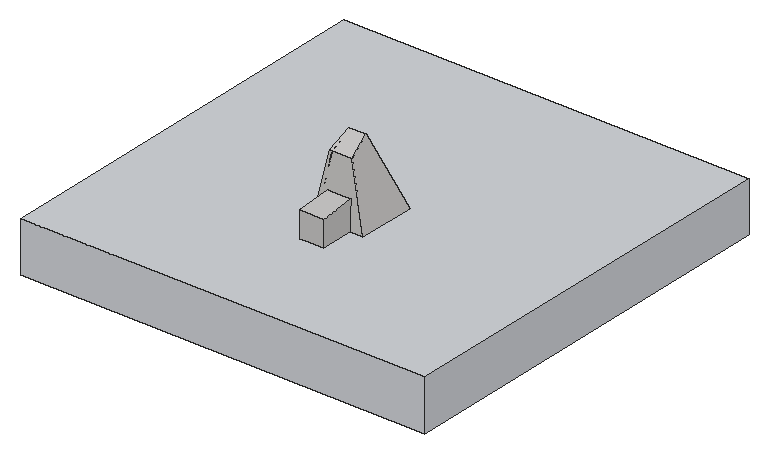
Revit family
Parameters (values of type "1707-T-1")
  Waste Connection = yes
  Vent Connection = no
  URL = "http://www.acorneng.com/uploads/fileLibrary/1707.pdf"
  TF-120VAC to 24VAC transformer = no
  T - Top (Exposed) = no
  Specifications = "Penal Ware-Straddle-Washout Urinal-ADA compliant"
  SW - Wall Sleeve = no
  Model = "1707-T-1"
  Manufacturer = "Acorn Engineering"
  MT - Metal Template = no
  HW Connection = no
  FVL - Flush Valve, ADA Lever Handle = no
  FVBO - Flush Valve by Others = no
  FV - Flush Valve, Mechanical (N/A for ADA) = no
  FG - 12 Gage Housing = no
  EG - Enviro-Glaze Color, Specify: = no
  Designed By = "ATS "
  Description = "Straddle-Washout Urinal-ADA Compliant"
  Default Elevation = 32"
  CW Connection = yes
  CFR-continuous flushing rim = no
  Assembly Code = "D2010200"
  1707 - Washout Urinal = yes
  1.5 GPF = no
  1.0 GPF = no
  1-off floor, wall outlet = yes
Reference planes (in)
  plane 1 "Center (Front/Back)": y = 0
  plane 2: z = 0
  plane 3 "Center (Left/Right)": x = 0
  plane 4: y = -8
  plane 5: y = -13.5
  plane 6: y = -21.5
  plane 7: y = -28
  plane 8: x = -6
  plane 9: x = 6
  plane 10: x = 2
  plane 11: x = -2
  plane 12: z = 17.98575
  plane 13: y = -16.125
  plane 14: y = -1.875
  plane 15: z = 2.375
Forms (in)
  Extrusion 1, solid
    sketch origin (0, 0, 0) x (1, 0, 0) y (0, 1, 0)
      loop
        line (-48, 48) -> (-48, -48) -> (48, -48) -> (48, 48) -> (-48, 48)
    from 0 to -12
  Blend 2, solid, material "Type 304 Stainless Steel"
    base sketch origin (0, -12.81578, 0) x (1, 0, 0) y (0, 1, 0)
      loop
        line (-6, 12.81578) -> (-6, -1.00632) -> (6, -1.00632) -> (6, 12.81578) -> (-6, 12.81578)
    top sketch origin (0, -12.81578, 0) x (1, 0, 0) y (0, 1, 0)
      loop
        line (-1.9375, 4.80883) -> (-1.9375, 0) -> (1.9375, 0) -> (1.9375, 4.80883) -> (-1.9375, 4.80883)
    from 0 to 18
  Extrusion 3, void
    sketch origin (0, -20.81568, 0) x (0, 0, -1) y (0, 1, 0)
      loop
        line (-15.1395, 7.83997) -> (-18, 12.83997) -> (-18, 7.83997) -> (-15.1395, 7.83997)
    from -5.77121 to 12
  Extrusion 4, void
    sketch origin (0, -20.81568, 0) x (0, 0, -1) y (0, 1, 0)
      loop
        line (-5.38271, 7.29451) -> (0, 6.99358) -> (0, 7.29451) -> (-5.38271, 7.29451)
    from -6.76471 to 6.72879
  Extrusion 5, solid, material "Type 304 Stainless Steel"
    sketch origin (-2.75, -20.81568, 0) x (0, 0, -1) y (0, 1, 0)
      loop
        line (0, 7.37736) -> (-6.86476, 7.37736) -> (-6, -0.70549) -> (0, -0.70549) -> (0, 7.37736)
    from 0 to 5.5
  Extrusion 6, void
    sketch origin (0, -20.81568, 0) x (1, 0, 0) y (0, 0, -1)
      loop
        line (-5.56781, -0.19022) -> (-1.77559, -17.3421) -> (1.97441, -17.3421) -> (5.60821, -0.19022) -> (-5.56781, -0.19022)
    from 12.18198 to 22.66185
  Blend 7, void
    base sketch origin (0, -20.81568, 0) x (1, 0, 0) y (0, 0, -1)
      loop
        line (-5.17748, -0.39566) -> (-2.11928, -14.83069) -> (2.21435, -14.83069) -> (2.26041, -14.61326) -> (5.27255, -0.39566) -> (-5.17748, -0.39566)
    top sketch origin (0, -28.00899, 0) x (1, 0, 0) y (0, 0, -1)
      loop
        line (-5.60751, -0.01066) -> (-1.79931, -17.23479) -> (1.85185, -17.23479) -> (5.66005, -0.01066) -> (-5.60751, -0.01066)
    from 7.83997 to 19.37529
  Extrusion 8, solid
    sketch origin (0, 0, 0) x (1, 0, 0) y (0, 0, 1)
      loop
        line (-2, 0) -> (2, 0) -> (2, 3.5) -> (-2, 3.5) -> (-2, 0)
    from 0 to 0.34132
  Extrusion 9, void
    sketch origin (0, 0, 0) x (1, 0, 0) y (0, 0, 1)
      loop
        line (0.93934, 3.5) -> (2, 2.43934) -> (2, 3.5) -> (0.93934, 3.5)
      loop
        line (-0.93934, 3.5) -> (-2, 3.5) -> (-2, 2.43934) -> (-0.93934, 3.5)
    from 0 to 12
  Extrusion 10, solid
    sketch origin (0, 0, 0) x (1, 0, 0) y (0, 1, 0)
      loop
        circle (0, -16.125) r 1
    from -0.09146 to 0.19022
  Extrusion 11, solid
    sketch origin (0, 0.08808, 0.49969) x (1, 0, 0) y (0, -0.003366, -0.999994)
      loop
        circle (0, -1.875) r 0.375
    from -0.09146 to 0.11611
Cuts and joins
  Extrusion 3, Extrusion 6, Blend 7, Extrusion 9 cuts Blend 2
  Extrusion 4 cuts Extrusion 5
  Extrusion 9 cuts Extrusion 8
Dimensions and locks (in)
  plane 4 to plane 5 = 5 1/2"
  plane 4 to plane 1 "Center (Front/Back)" = 8"
  plane 6 to plane 4 = 13 1/2"
  plane 7 to plane 4 = 20"  (x2)
  plane 5 to plane 4 = 5 1/2"
  plane 9 to plane 8 = 12"
  plane 10 to plane 11 = 4"
  plane 12 to plane 2 = 17.98575"
  plane 8 to plane 9 = 12"
  plane 11 to plane 10 = 4"
  plane 2 to plane 12 = 17.98575"
  plane 13 to plane 7 = 11 7/8"
  plane 14 to plane 7 = 26 1/8"
  Extrusion 1 to plane 15 = 2 3/8"
  aligned and locked: plane 2 to Extrusion 1
  aligned and locked: level to Extrusion 1
Connectors (in)
  piping at (0, -16.125, -0.09146)
    settings: on Extrusion 10, index 1
  piping at (0, 0.2105, 2.37429)
    settings: on Extrusion 11, index 2
